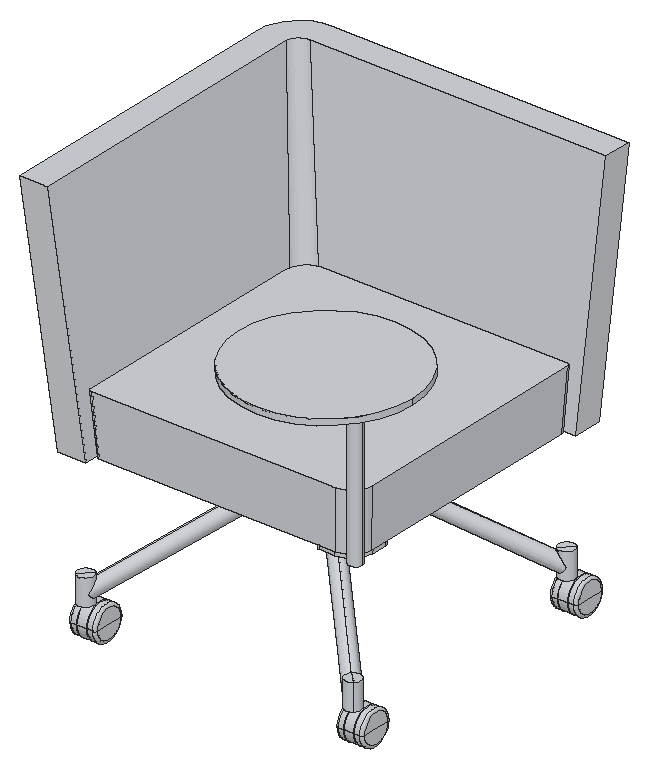
Revit family "Keilhauer_Pact_Lounge Seating_77001", category Furniture, Revit 2017
Family settings
  OmniClass Number = 23.40.70.14.64.11
  OmniClass Title = Office Furniture
  Work Plane-Based = No
  Always vertical = Yes
  Cut with Voids When Loaded = No
  Shared = No
  Room Calculation Point = No
Parameters (values of type "4-star Base with Casters")
  Type = 2
  Tablet Top [instance] = none
  Tablet Arm [instance] = none
  Seat [instance] = none
  Mobile Base = not(Flat Base)  # yes
  Glides [instance] = none
  Glide = Type = 3  # no
  Flat Base = Type = 1  # no
  Column [instance] = none
  Caster = Type = 2  # yes
  Base [instance] = none
  Casters [instance] = none
  URL = "http://www.keilhauer.com/"
  Product Documentation Link = "http://www.keilhauer.com/"
  Model = "77001"
  Manufacturer = "Keilhauer, Corp."  # constant formula
  Description = "Chair with a 4-star base with casters and tablet"
  Copyright © = "© 2021 Keilhauer, Corp."  # constant formula
  Catalog = "Pact"  # constant formula
  Back [instance] = none
  Authoring Version = "Autodesk Revit 2015"  # constant formula
  Assembly Code = "E2020200"
Types (3): name | Type | Mobile Base | Glide | Flat Base | Caster | Model | Description
  4-star Base with Glides | 3 | yes | yes | no | no | "77002" | "Chair with a 4-star base with glides and tablet"
  4-star Base with Casters | 2 | yes | no | no | yes | "77001" | "Chair with a 4-star base with casters and tablet"
  Flat Base | 1 | no | no | yes | no | "77000" | "Chair with a flat base and tablet"
Reference planes (in)
  plane 1 "Center (Front/Back)": y = 0
  plane 2: z = 0
  plane 3 "Center (Left/Right)": x = 0
  plane 4 "cas": z = 1.28025
Forms (in)
  Extrusion 1, solid, material <- "Glides", visible <- "Flat Base"
    sketch origin (0, 0, 0) x (1, 0, 0) y (0, 1, 0)
      loop
        arc (-6.30747, 4.41669) -> (0, 7.69556) -> (6.30747, 4.41669) r 7.70618
        line (6.30747, 4.41669) -> (8.19152, 5.73591)
        arc (8.19152, 5.73591) -> (0, 9.99489) -> (-8.19152, 5.73591) r 10.00709
        line (-8.19152, 5.73591) -> (-6.30747, 4.41669)
      loop
        arc (-9.06308, 4.22634) -> (-8.6637, -5.00183) -> (-0.87156, -9.96179) r 9.99465
        line (-0.87156, -9.96179) -> (-0.6711, -7.67054)
        arc (-0.6711, -7.67054) -> (-6.6693, -3.85036) -> (-6.97857, 3.25432) r 7.6986
        line (-6.97857, 3.25432) -> (-9.06308, 4.22634)
      loop
        arc (6.97857, 3.25431) -> (6.67871, -3.85581) -> (0.6711, -7.67055) r 7.68406
        line (0.6711, -7.67055) -> (0.87155, -9.9618)
        arc (0.87155, -9.9618) -> (8.65202, -4.9951) -> (9.06307, 4.22633) r 10.01282
        line (9.06307, 4.22633) -> (6.97857, 3.25431)
    from 0 to 0.25
  Extrusion 2, solid, material <- "Base", visible <- "Flat Base"
    sketch origin (-10.25149, -60, 0.25) x (-1, 0, 0) y (0, -1, 0)
      loop
        circle (-10.25346, -60) r 11
    from 0 to 0.37495
  Extrusion 3, solid, material <- "Column", visible <- "Flat Base"
    sketch origin (-10.25149, -60, 0.25) x (-1, 0, 0) y (0, -1, 0)
      loop
        circle (-10.25149, -60) r 1.19027
    from 0.37495 to 13.05108
  Extrusion 4, solid, material <- "Column"
    sketch origin (-10.25149, -60, 0.25) x (-1, 0, 0) y (0, -1, 0)
      loop
        line (-6.50149, -63.25) -> (-6.50149, -56.75)
        arc (-6.50149, -56.75) -> (-6.64794, -56.39645) -> (-7.00149, -56.25) r 0.5
        line (-7.00149, -56.25) -> (-13.50149, -56.25)
        arc (-13.50149, -56.25) -> (-13.85504, -56.39645) -> (-14.00149, -56.75) r 0.5
        line (-14.00149, -56.75) -> (-14.00149, -63.25)
        arc (-14.00149, -63.25) -> (-13.85504, -63.60355) -> (-13.50149, -63.75) r 0.5
        line (-13.50149, -63.75) -> (-7.00149, -63.75)
        arc (-7.00149, -63.75) -> (-6.64794, -63.60355) -> (-6.50149, -63.25) r 0.5
    from 13.05108 to 13.30069
  Extrusion 5, solid, material <- "Tablet Arm"
    sketch origin (0, 0, 0) x (1, 0, 0) y (0, 1, 0)
      loop
        line (8.15462, -8.40462) -> (8.15462, -10.90462)
        arc (8.15462, -10.90462) -> (8.22784, -11.0814) -> (8.40462, -11.15462) r 0.25
        line (8.40462, -11.15462) -> (9.58462, -11.15462)
        arc (9.58462, -11.15462) -> (10.69478, -10.69478) -> (11.15462, -9.58462) r 1.57
        line (11.15462, -9.58462) -> (11.15462, -8.40462)
        arc (11.15462, -8.40462) -> (11.0814, -8.22784) -> (10.90462, -8.15462) r 0.25
        line (10.90462, -8.15462) -> (8.40462, -8.15462)
        arc (8.40462, -8.15462) -> (8.22784, -8.22784) -> (8.15462, -8.40462) r 0.25
    from 13.30108 to 13.55069
  Extrusion 6, solid, material <- "Tablet Arm"
    sketch origin (0, 0, 0) x (1, 0, 0) y (0, 1, 0)
      loop
        circle (11.04833, -11.04833) r 0.5
    from 13.30108 to 27.38108
  Extrusion 7, solid, material <- "Tablet Top"
    sketch origin (0, 0, 0) x (1, 0, 0) y (0, 1, 0)
      loop
        circle (11.04934, -13.85035) r 6.50143
    from 27.80992 to 27.37236
  Blend 8, solid, material <- "Seat"
    base sketch origin (0, 0, 13.55129) x (-1, 0, 0) y (0, -1, 0)
      loop
        arc (8.37481, 10.87909) -> (8.30159, 11.05586) -> (8.12481, 11.12909) r 0.25
        line (8.12481, 11.12909) -> (-9.60266, 11.12909)
        arc (-9.60266, 11.12909) -> (-10.68208, 10.68198) -> (-11.12919, 9.60255) r 1.52653
        line (-11.12919, 9.60255) -> (-11.12919, -8.12491)
        arc (-11.12919, -8.12491) -> (-11.05597, -8.30169) -> (-10.87919, -8.37491) r 0.25
        line (-10.87919, -8.37491) -> (7.28041, -8.37491)
        arc (7.28041, -8.37491) -> (8.05427, -8.05437) -> (8.37481, -7.28052) r 1.0944
        line (8.37481, -7.28052) -> (8.37481, 10.87909)
    top sketch origin (0, 0, 13.55129) x (-1, 0, 0) y (0, -1, 0)
      loop
        line (8.67779, 11.15458) -> (-9.60874, 11.15458)
        arc (-9.60874, 11.15458) -> (-10.70189, 10.70179) -> (-11.15469, 9.60864) r 1.54595
        line (-11.15469, 9.60864) -> (-11.15469, -8.63701)
        arc (-11.15469, -8.63701) -> (-11.07141, -8.83807) -> (-10.87036, -8.92135) r 0.28433
        line (-10.87036, -8.92135) -> (7.17779, -8.92135)
        arc (7.17779, -8.92135) -> (8.41522, -8.40878) -> (8.92779, -7.17135) r 1.75
        line (8.92779, -7.17135) -> (8.92779, 10.90458)
        arc (8.92779, 10.90458) -> (8.85456, 11.08136) -> (8.67779, 11.15458) r 0.25
    from 0 to 4.31701
  Blend 9, solid, material <- "Back"
    base sketch origin (0, 0, 13.55129) x (-1, 0, 0) y (0, -1, 0)
      loop
        line (-11.9375, -10.58412) -> (7.26077, -10.58412)
        arc (7.26077, -10.58412) -> (9.60871, -9.61157) -> (10.58126, -7.26363) r 3.32049
        line (10.58126, -7.26363) -> (10.58126, 11.94531) -> (8.48126, 11.94531) -> (8.48126, -7.23412)
        arc (8.48126, -7.23412) -> (8.11514, -8.118) -> (7.23126, -8.48412) r 1.25
        line (7.23126, -8.48412) -> (-11.9375, -8.48412) -> (-11.9375, -10.58412)
    top sketch origin (0, 0, 13.55129) x (-1, 0, 0) y (0, -1, 0)
      loop
        line (-11.9375, -13.39412) -> (10.39126, -13.39412)
        arc (10.39126, -13.39412) -> (12.51258, -12.51544) -> (13.39126, -10.39412) r 3
        line (13.39126, -10.39412) -> (13.39126, 11.94531) -> (11.29126, 11.94531) -> (11.29126, -10.29412)
        arc (11.29126, -10.29412) -> (10.99837, -11.00123) -> (10.29126, -11.29412) r 1
        line (10.29126, -11.29412) -> (-11.9375, -11.29412) -> (-11.9375, -13.39412)
    from -0.0006 to 17.511
  Sweep 10, solid, material <- "Base", visible <- "Mobile Base"
    path origin (0, 0, 0) x (0.707107, -0.707107, 0) y (0, 0, 1)
      loop
        line (-14.1412, 3.522) -> (-0.16988, 11.58835)
    profile origin (-5.05973, 5.05973, 7.55517) x (-0.353553, 0.353553, 0.866025) y (-0.707107, -0.707107, 0)
      loop
        circle (0, 0) r 0.59
  Extrusion 11, solid, material <- "Base", visible <- "Mobile Base"
    sketch origin (-10.25149, -60, 0.25) x (-1, 0, 0) y (0, -1, 0)
      loop
        circle (-10.25149, -60) r 1.19027
    from 8.65112 to 13.05108
  Revolve 12, solid, material <- "Base", visible <- "Mobile Base"
    sketch origin (0, 0, 0) x (0.707107, -0.707107, 0) y (0, 0, 1)
      loop
        line (-14.15535, 2.79523) -> (-13.55577, 2.79523) -> (-13.55577, 4.71823) -> (-14.15535, 4.71823) -> (-14.15535, 2.79523)
      axis (-14.15535, 2.79523) -> (-14.15535, 4.71823)
    angle from 0 to 360
  Revolve 13, solid, material <- "Casters", visible <- "Glide"
    sketch origin (0, 0, 0) x (0.707107, -0.707107, 0) y (0, 0, 1)
      loop
        line (-14.15535, 2.73564) -> (-14.15535, 0) -> (-13.25152, 0)
        arc (-13.25152, 0) -> (-13.1842, 0.02788) -> (-13.15632, 0.09519) r 0.09519
        line (-13.15632, 0.09519) -> (-13.15632, 0.29105)
        arc (-13.15632, 0.29105) -> (-13.17938, 0.38093) -> (-13.24285, 0.44863) r 0.18675
        line (-13.24285, 0.44863) -> (-13.46703, 0.59122)
        arc (-13.46703, 0.59122) -> (-13.53213, 0.66065) -> (-13.55577, 0.75284) r 0.19155
        line (-13.55577, 0.75284) -> (-13.55577, 2.73564) -> (-14.15535, 2.73564)
      axis (-14.15535, 0) -> (-14.15535, 2.73564)
    angle from 0 to 360
  Extrusion 14, solid, material <- "Base", visible <- "Mobile Base"
    sketch origin (-2.65551, 2.65551, 0) x (-0.707107, -0.707107, 0) y (0, 0, 1)
      loop
        arc (-0.22668, 9.29019) -> (0, 9.06725) -> (0.22668, 9.29019) r 0.22671
        line (0.22668, 9.29019) -> (0.2458, 10.44015)
        arc (0.2458, 10.44015) -> (0, 10.69007) -> (-0.2458, 10.44015) r 0.24584
        line (-0.2458, 10.44015) -> (-0.22668, 9.29019)
    from 0.06979 to -3.70407
  Extrusion 15, void
    sketch origin (0, 0, 0) x (0.707107, -0.707107, 0) y (0, 0, 1)
      loop
        line (-3.88447, 10.75424) -> (-3.88447, 9.61032) -> (-1.90313, 10.75424) -> (-3.88447, 10.75424)
    from -0.43986 to 0.34035
  Revolve 16, solid, material <- "Casters", visible <- "Caster"
    sketch origin (0, 0, 1.28025) x (0, 1, 0) y (-1, 0, 0)
      loop
        line (10.93459, 10.36457) -> (10.93459, 9.65556) -> (12.21421, 9.65556) -> (12.21421, 10.36457) -> (10.93459, 10.36457)
      loop
        line (12.21421, 10.42778) -> (12.21421, 10.81462)
        arc (12.21421, 10.81462) -> (12.15696, 10.95284) -> (12.01874, 11.01009) r 0.19547
        line (12.01874, 11.01009) -> (10.93459, 11.01009) -> (10.93459, 10.42778) -> (12.21421, 10.42778)
      loop
        line (12.21421, 9.59235) -> (10.93459, 9.59235) -> (10.93459, 9.01005) -> (12.01874, 9.01005)
        arc (12.01874, 9.01005) -> (12.15696, 9.0673) -> (12.21421, 9.20552) r 0.19547
        line (12.21421, 9.20552) -> (12.21421, 9.59235)
      axis (10.93459, 9.01005) -> (10.93459, 11.01009)
    angle from 0 to 360
  Revolve 17, solid, material <- "Casters", visible <- "Caster"
    sketch origin (0, 0, 1.28025) x (0, 1, 0) y (1, 0, 0)
      loop
        line (10.93459, 10.36457) -> (10.93459, 9.65556) -> (12.21421, 9.65556) -> (12.21421, 10.36457) -> (10.93459, 10.36457)
      loop
        line (12.21421, 10.42778) -> (12.21421, 10.81462)
        arc (12.21421, 10.81462) -> (12.15696, 10.95284) -> (12.01874, 11.01009) r 0.19547
        line (12.01874, 11.01009) -> (10.93459, 11.01009) -> (10.93459, 10.42778) -> (12.21421, 10.42778)
      loop
        line (12.21421, 9.59235) -> (10.93459, 9.59235) -> (10.93459, 9.01005) -> (12.01874, 9.01005)
        arc (12.01874, 9.01005) -> (12.15696, 9.0673) -> (12.21421, 9.20552) r 0.19547
        line (12.21421, 9.20552) -> (12.21421, 9.59235)
      axis (10.93459, 9.01005) -> (10.93459, 11.01009)
    angle from 0 to 360
  Revolve 18, solid, material <- "Casters", visible <- "Caster"
    sketch origin (0, -20.02, 1.28025) x (0, 1, 0) y (-1, 0, 0)
      loop
        line (10.93459, 10.36457) -> (10.93459, 9.65556) -> (12.21421, 9.65556) -> (12.21421, 10.36457) -> (10.93459, 10.36457)
      loop
        line (12.21421, 10.42778) -> (12.21421, 10.81462)
        arc (12.21421, 10.81462) -> (12.15696, 10.95284) -> (12.01874, 11.01009) r 0.19547
        line (12.01874, 11.01009) -> (10.93459, 11.01009) -> (10.93459, 10.42778) -> (12.21421, 10.42778)
      loop
        line (12.21421, 9.59235) -> (10.93459, 9.59235) -> (10.93459, 9.01005) -> (12.01874, 9.01005)
        arc (12.01874, 9.01005) -> (12.15696, 9.0673) -> (12.21421, 9.20552) r 0.19547
        line (12.21421, 9.20552) -> (12.21421, 9.59235)
      axis (10.93459, 9.01005) -> (10.93459, 11.01009)
    angle from 0 to 360
  Revolve 19, solid, material <- "Casters", visible <- "Caster"
    sketch origin (0, -20.02, 1.28025) x (0, 1, 0) y (1, 0, 0)
      loop
        line (10.93459, 10.36457) -> (10.93459, 9.65556) -> (12.21421, 9.65556) -> (12.21421, 10.36457) -> (10.93459, 10.36457)
      loop
        line (12.21421, 10.42778) -> (12.21421, 10.81462)
        arc (12.21421, 10.81462) -> (12.15696, 10.95284) -> (12.01874, 11.01009) r 0.19547
        line (12.01874, 11.01009) -> (10.93459, 11.01009) -> (10.93459, 10.42778) -> (12.21421, 10.42778)
      loop
        line (12.21421, 9.59235) -> (10.93459, 9.59235) -> (10.93459, 9.01005) -> (12.01874, 9.01005)
        arc (12.01874, 9.01005) -> (12.15696, 9.0673) -> (12.21421, 9.20552) r 0.19547
        line (12.21421, 9.20552) -> (12.21421, 9.59235)
      axis (10.93459, 9.01005) -> (10.93459, 11.01009)
    angle from 0 to 360
  Sweep 20, solid, material <- "Base", visible <- "Mobile Base"
    path origin (0, 0, 0) x (-0.707107, -0.707107, 0) y (0, 0, -1)
      loop
        line (-14.1412, -3.522) -> (-0.16988, -11.58835)
    profile origin (5.05973, 5.05973, 7.55517) x (-0.353553, -0.353553, -0.866025) y (0.707107, -0.707107, 0)
      loop
        circle (0, 0) r 0.59
  Revolve 21, solid, material <- "Base", visible <- "Mobile Base"
    sketch origin (0, 0, 0) x (-0.707107, -0.707107, 0) y (0, 0, -1)
      loop
        line (-14.15535, -2.79523) -> (-14.15535, -4.71823) -> (-13.55577, -4.71823) -> (-13.55577, -2.79523) -> (-14.15535, -2.79523)
      axis (-14.15535, -2.79523) -> (-14.15535, -4.71823)
    angle from 0 to 360
  Revolve 22, solid, material <- "Casters", visible <- "Glide"
    sketch origin (0, 0, 0) x (-0.707107, -0.707107, 0) y (0, 0, -1)
      loop
        line (-14.15535, -2.73564) -> (-13.55577, -2.73564) -> (-13.55577, -0.75284)
        arc (-13.55577, -0.75284) -> (-13.53213, -0.66065) -> (-13.46703, -0.59122) r 0.19155
        line (-13.46703, -0.59122) -> (-13.24285, -0.44863)
        arc (-13.24285, -0.44863) -> (-13.17938, -0.38093) -> (-13.15632, -0.29105) r 0.18675
        line (-13.15632, -0.29105) -> (-13.15632, -0.09519)
        arc (-13.15632, -0.09519) -> (-13.1842, -0.02788) -> (-13.25152, 0) r 0.09519
        line (-13.25152, 0) -> (-14.15535, 0) -> (-14.15535, -2.73564)
      axis (-14.15535, 0) -> (-14.15535, -2.73564)
    angle from 0 to 360
  Extrusion 23, solid, material <- "Base", visible <- "Mobile Base"
    sketch origin (2.65551, 2.65551, 0) x (0.707107, -0.707107, 0) y (0, 0, -1)
      loop
        line (-0.22668, -9.29019) -> (-0.2458, -10.44015)
        arc (-0.2458, -10.44015) -> (0, -10.69007) -> (0.2458, -10.44015) r 0.24584
        line (0.2458, -10.44015) -> (0.22668, -9.29019)
        arc (0.22668, -9.29019) -> (0, -9.06725) -> (-0.22668, -9.29019) r 0.22671
    from 0.06979 to -3.70407
  Extrusion 24, void
    sketch origin (0, 0, 0) x (-0.707107, -0.707107, 0) y (0, 0, -1)
      loop
        line (-3.88447, -10.75424) -> (-1.90313, -10.75424) -> (-3.88447, -9.61032) -> (-3.88447, -10.75424)
    from -0.43986 to 0.34035
  Sweep 25, solid, material <- "Base", visible <- "Mobile Base"
    path origin (0, 0, 0) x (-0.707107, 0.707107, 0) y (0, 0, 1)
      loop
        line (-14.1412, 3.522) -> (-0.16988, 11.58835)
    profile origin (5.05973, -5.05973, 7.55517) x (0.353553, -0.353553, 0.866025) y (0.707107, 0.707107, 0)
      loop
        circle (0, 0) r 0.59
  Revolve 26, solid, material <- "Base", visible <- "Mobile Base"
    sketch origin (0, 0, 0) x (-0.707107, 0.707107, 0) y (0, 0, 1)
      loop
        line (-14.15535, 2.79523) -> (-13.55577, 2.79523) -> (-13.55577, 4.71823) -> (-14.15535, 4.71823) -> (-14.15535, 2.79523)
      axis (-14.15535, 2.79523) -> (-14.15535, 4.71823)
    angle from 0 to 360
  Revolve 27, solid, material <- "Casters", visible <- "Glide"
    sketch origin (0, 0, 0) x (-0.707107, 0.707107, 0) y (0, 0, 1)
      loop
        line (-14.15535, 2.73564) -> (-14.15535, 0) -> (-13.25152, 0)
        arc (-13.25152, 0) -> (-13.1842, 0.02788) -> (-13.15632, 0.09519) r 0.09519
        line (-13.15632, 0.09519) -> (-13.15632, 0.29105)
        arc (-13.15632, 0.29105) -> (-13.17938, 0.38093) -> (-13.24285, 0.44863) r 0.18675
        line (-13.24285, 0.44863) -> (-13.46703, 0.59122)
        arc (-13.46703, 0.59122) -> (-13.53213, 0.66065) -> (-13.55577, 0.75284) r 0.19155
        line (-13.55577, 0.75284) -> (-13.55577, 2.73564) -> (-14.15535, 2.73564)
      axis (-14.15535, 0) -> (-14.15535, 2.73564)
    angle from 0 to 360
  Extrusion 28, solid, material <- "Base", visible <- "Mobile Base"
    sketch origin (2.65551, -2.65551, 0) x (0.707107, 0.707107, 0) y (0, 0, 1)
      loop
        arc (-0.22668, 9.29019) -> (0, 9.06725) -> (0.22668, 9.29019) r 0.22671
        line (0.22668, 9.29019) -> (0.2458, 10.44015)
        arc (0.2458, 10.44015) -> (0, 10.69007) -> (-0.2458, 10.44015) r 0.24584
        line (-0.2458, 10.44015) -> (-0.22668, 9.29019)
    from 0.06979 to -3.70407
  Extrusion 29, void
    sketch origin (0, 0, 0) x (-0.707107, 0.707107, 0) y (0, 0, 1)
      loop
        line (-3.88447, 10.75424) -> (-3.88447, 9.61032) -> (-1.90313, 10.75424) -> (-3.88447, 10.75424)
    from -0.43986 to 0.34035
  Sweep 30, solid, material <- "Base", visible <- "Mobile Base"
    path origin (0, 0, 0) x (0.707107, 0.707107, 0) y (0, 0, -1)
      loop
        line (-14.1412, -3.522) -> (-0.16988, -11.58835)
    profile origin (-5.05973, -5.05973, 7.55517) x (0.353553, 0.353553, -0.866025) y (-0.707107, 0.707107, 0)
      loop
        circle (0, 0) r 0.59
  Revolve 31, solid, material <- "Base", visible <- "Mobile Base"
    sketch origin (0, 0, 0) x (0.707107, 0.707107, 0) y (0, 0, -1)
      loop
        line (-14.15535, -2.79523) -> (-14.15535, -4.71823) -> (-13.55577, -4.71823) -> (-13.55577, -2.79523) -> (-14.15535, -2.79523)
      axis (-14.15535, -2.79523) -> (-14.15535, -4.71823)
    angle from 0 to 360
  Revolve 32, solid, material <- "Casters", visible <- "Glide"
    sketch origin (0, 0, 0) x (0.707107, 0.707107, 0) y (0, 0, -1)
      loop
        line (-14.15535, -2.73564) -> (-13.55577, -2.73564) -> (-13.55577, -0.75284)
        arc (-13.55577, -0.75284) -> (-13.53213, -0.66065) -> (-13.46703, -0.59122) r 0.19155
        line (-13.46703, -0.59122) -> (-13.24285, -0.44863)
        arc (-13.24285, -0.44863) -> (-13.17938, -0.38093) -> (-13.15632, -0.29105) r 0.18675
        line (-13.15632, -0.29105) -> (-13.15632, -0.09519)
        arc (-13.15632, -0.09519) -> (-13.1842, -0.02788) -> (-13.25152, 0) r 0.09519
        line (-13.25152, 0) -> (-14.15535, 0) -> (-14.15535, -2.73564)
      axis (-14.15535, 0) -> (-14.15535, -2.73564)
    angle from 0 to 360
  Extrusion 33, solid, material <- "Base", visible <- "Mobile Base"
    sketch origin (-2.65551, -2.65551, 0) x (-0.707107, 0.707107, 0) y (0, 0, -1)
      loop
        line (-0.22668, -9.29019) -> (-0.2458, -10.44015)
        arc (-0.2458, -10.44015) -> (0, -10.69007) -> (0.2458, -10.44015) r 0.24584
        line (0.2458, -10.44015) -> (0.22668, -9.29019)
        arc (0.22668, -9.29019) -> (0, -9.06725) -> (-0.22668, -9.29019) r 0.22671
    from 0.06979 to -3.70407
  Extrusion 34, void
    sketch origin (0, 0, 0) x (0.707107, 0.707107, 0) y (0, 0, -1)
      loop
        line (-3.88447, -10.75424) -> (-1.90313, -10.75424) -> (-3.88447, -9.61032) -> (-3.88447, -10.75424)
    from -0.43986 to 0.34035
Cuts and joins
  Extrusion 24 cuts Sweep 10
  Extrusion 24 cuts Revolve 12
  Extrusion 15, Extrusion 24 cuts Extrusion 14
  Extrusion 29 cuts Sweep 20
  Extrusion 24, Extrusion 29 cuts Extrusion 23
  Extrusion 34 cuts Sweep 25
  Extrusion 29, Extrusion 34 cuts Extrusion 28
  Extrusion 34 cuts Extrusion 33
  joined: Sweep 10, Extrusion 11, Revolve 12, Extrusion 14, Sweep 20, Revolve 21, Extrusion 23, Sweep 25, Revolve 26, Extrusion 28, Sweep 30, Revolve 31, Extrusion 33
Lines and regions (in)
  Masking region 1
    outline origin (0, 0, 0) x (1, 0, 0) y (0, 1, 0)
      loop
        arc (-10.39126, 13.39412) -> (-12.51258, 12.51544) -> (-13.39126, 10.39412) r 3
        line (-13.39126, 10.39412) -> (-13.39126, -10.95342)
        arc (-13.39126, -10.95342) -> (-13.36878, -11.37435) -> (-13.30161, -11.7905) r 3.95289
        arc (-13.30161, -11.7905) -> (-13.28198, -11.85631) -> (-13.25256, -11.91836) r 0.44944
        arc (-13.25256, -11.91836) -> (-13.23459, -11.93714) -> (-13.2099, -11.94531) r 0.05382
        line (-13.2099, -11.94531) -> (4.83328, -11.94531)
        arc (4.83328, -11.94531) -> (14.54779, -19.33026) -> (11.9375, -7.40987) r 6.50143
        line (11.9375, -7.40987) -> (11.9375, 13.23621)
        arc (11.9375, 13.23621) -> (11.85915, 13.27273) -> (11.77602, 13.29644) r 0.54635
        arc (11.77602, 13.29644) -> (11.28833, 13.36964) -> (10.79579, 13.39412) r 4.96744
        line (10.79579, 13.39412) -> (-10.39126, 13.39412)
  symbolic lines, style "Keilhauer 2D", detail levels medium+fine
    curve 1: line (-11.35221, 11.35158, 25.813) -> (-11.35221, -11.14842, 25.813)
    curve 2: arc (-11.35221, -11.14842, 25.813) -> (-11.34221, -11.43395, 25.813) -> (-11.31227, -11.71807, 25.813) r 4.08232
    curve 3: arc (-11.31227, -11.71807, 25.813) -> (-11.2911, -11.81778, 25.813) -> (-11.2564, -11.91362, 25.813) r 0.7376
    curve 4: arc (-11.2564, -11.91362, 25.813) -> (-11.24086, -11.93406, 25.813) -> (-11.21778, -11.94531, 25.813) r 0.05547
    curve 5: line (-11.35221, 11.35158, 25.813) -> (11.16979, 11.35158, 25.813)
    curve 6: arc (11.16979, 11.35158, 25.813) -> (11.47085, 11.33912, 25.813) -> (11.76985, 11.30185, 25.813) r 3.64542
    curve 7: arc (11.76985, 11.30185, 25.813) -> (11.86014, 11.27225, 25.813) -> (11.9375, 11.21709, 25.813) r 0.31504
    curve 8: line (11.16978, 10.9475, 25.813) -> (11.16978, 9.23941, 25.813)
    curve 9: line (11.15469, 8.63827, 25.813) -> (11.15469, -7.34957, 25.813)
    curve 10: line (10.56669, 8.18741, 25.813) -> (10.56669, -7.34926, 25.813)
    curve 11: line (-8.67807, -11.15458, 25.813) -> (5.13289, -11.15458, 25.813)
    curve 12: line (-8.18731, -10.56659, 25.813) -> (5.43772, -10.56659, 25.813)
    curve 13: line (-8.43731, -10.31659, 25.813) -> (-8.43731, 8.18741, 25.813)
    curve 14: line (-8.18731, 8.43741, 25.813) -> (10.31669, 8.43741, 25.813)
    curve 15: arc (4.83328, -11.94531, 25.813) -> (7.55052, -8.36987, 25.813) -> (11.9375, -7.40987, 25.813) r 6.49926
    curve 16: arc (-7.87835, 8.93434, 25.813) -> (1.49307, 8.72373, 25.813) -> (10.86477, 8.92105, 25.813) r 215.40274
    curve 17: arc (-8.93525, 7.87757, 25.813) -> (-8.70718, -1.5075, 25.813) -> (-8.92779, -10.89274, 25.813) r 196.42727
    curve 18: line (-8.91582, 8.90899, 25.813) -> (-11.35221, 11.35158, 25.813)
    curve 19: arc (-8.18731, 8.43741, 25.813) -> (-8.36409, 8.36419, 25.813) -> (-8.43731, 8.18741, 25.813) r 0.25
    curve 20: arc (10.56669, 8.18741, 25.813) -> (10.49347, 8.36419, 25.813) -> (10.31669, 8.43741, 25.813) r 0.25
    curve 21: arc (-8.18731, -10.56659, 25.813) -> (-8.36409, -10.49336, 25.813) -> (-8.43731, -10.31659, 25.813) r 0.25
    curve 22: arc (-8.67807, -11.15458, 25.813) -> (-8.85898, -11.07712, 25.813) -> (-8.92779, -10.89274, 25.813) r 0.25
    curve 23: arc (-8.91582, 8.90899, 25.813) -> (-8.94282, 8.39361, 25.813) -> (-8.93525, 7.87757, 25.813) r 7.70057
    curve 24: arc (-8.91582, 8.90899, 25.813) -> (-8.39752, 8.93948, 25.813) -> (-7.87835, 8.93434, 25.813) r 7.56357
    curve 25: arc (11.15469, 8.63827, 25.813) -> (11.07135, 8.83887, 25.813) -> (10.87039, 8.92135, 25.813) r 0.28307
    curve 26: arc (10.86477, 8.92105, 25.813) -> (11.08122, 9.01897, 25.813) -> (11.16978, 9.23941, 25.813) r 0.31865
    curve 27: arc (11.16978, 10.9475, 25.813) -> (11.05143, 11.23323, 25.813) -> (10.76571, 11.35158, 25.813) r 0.40407
Dimensions and locks (in)
  aligned and locked: nested 1 to plane 3 "Center (Left/Right)"
  aligned and locked: plane 1 "Center (Front/Back)" to nested 1
  aligned and locked: Extrusion 1 to plane 2
Nested families (in)
  nested 1: "Furniture_Tag" at (0, 0, 0), type "Center", detail levels fine
    with Offset (LR) 0.000"
Definition of nested family "Furniture_Tag"
  Parameters
    P_Width = 0.000"
    Text_Width = "Empty"
    Text_Height = "Empty"
    Text_Diameter = "Empty"
    Text_Depth = "Empty"
    Offset (LR) [instance] = 0.000"
    Model Name = "Type Catalog"
    P_Height = 0.000"
    Distance of Center (not Change) = 0.000"
    P_Diameter = 0.000"
    P_Depth = 0.000"
  Reference planes (in)
    plane 1: y = 0
    plane 2: x = 0
  Lines and regions (in)
    reference lines
      curve 1: line (-0.44359, 0, 0) -> (0.41085, 0, 0)
      curve 3: line (0, 0.32564, 0) -> (0, -0.40221, 0)
    reference lines, not visible
      curve 2: line (-0.44359, 0.09843, 0) -> (0.41085, 0.09843, 0)
      curve 4: line (0, 0.42407, 0) -> (0, -0.30379, 0)
  Text (in)
    label "Empty" at (0.00197, -0.0079, 0), shows "Model Name"
    label "Empty" at (0.00197, 0.09052, 0), shows "Model Name", not visible
  Dimensions and locks (in)
    "Distance of Center (not Change)": plane 1 to curve 1
    "Offset (LR)": curve 3 to plane 2
  Automatic sketch dimensions
    curve 1 to curve 3 = 0.44359"
    curve 3 to curve 1 = 0.41085"
    curve 3 to curve 1 = 0.40221"
    curve 1 to curve 3 = 0.32564"
    curve 2 to curve 4 = 0.44359"
    curve 4 to curve 2 = 0.41085"
    curve 4 to curve 2 = 0.40221"
    curve 2 to curve 4 = 0.32564"
